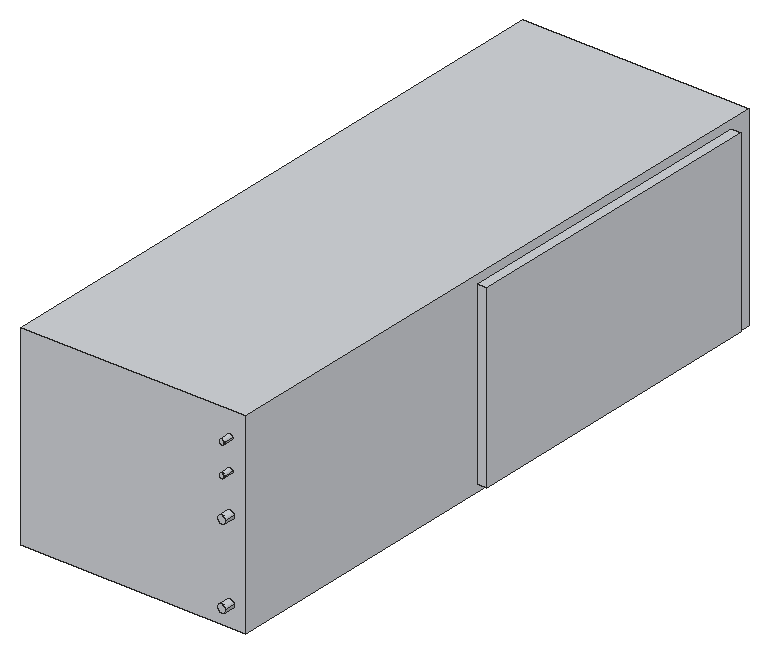
Revit family "M_WSHP - Horizontal - Alta eficiência - 7-18 kW - Retorno direita - Descarga esquerda", category Equipamento mecânico, Revit 2019
Family settings
  Cota do conector redondo = Usar raio
  Tipo de parte = Normal
  Número OmniClass = 23.75.10.21.17
  Título OmniClass = Water-Source Heat Pumps
  ID de item do Seek = WSHP - Horizontal - High Efficiency - 7-18 kW - Right Return - Left Discharge-0000-CAN-ENU
  Com base no plano de trabalho = Não
  Sempre na vertical = Sim
  Corte com vazios quando carregada = Não
  Compartilhado = Não
  Ponto de cálculo do ambiente = Não
Parameters (values of type "7 kW")
  Raio do fornecimento de água = 10 mm
  Diâmetro do fornecimento de água = Raio do fornecimento de água * 2  # 20 mm
  Raio do retorno da água = 10 mm
  Diâmetro do retorno da água = Raio do retorno da água * 2  # 20 mm
  Queda de pressão da água [instance] = 24131.6 Pa
  Fluxo da água [instance] = 0.5 L/s
  Voltagem = 208 V
  Largura do ar de fornecimento = 400 mm
  Altura do ar de fornecimento = 325 mm
  Altura do ar de retorno = 450 mm
  Largura do ar de retorno = 800 mm
  Largura da bomba = 1579.9 mm
  Material da bomba = none
  Comprimento da bomba = 568.9 mm
  Altura da bomba = 490.2 mm
  Número de pólos = 3
  Classificação de carga = Refrigeração
  Raio do fornecimento de água quente = 6 mm
  Diâmetro do fornecimento de água quente = Raio do fornecimento de água quente * 2  # 12 mm
  Raio do retorno de água quente = 6 mm
  Diâmetro do retorno de água quente = Raio do retorno de água quente * 2  # 12 mm
  Fluxo da água quente [instance] = 0.32 L/s
  Fluxo da drenagem [instance] = 0.0 L/s
  Raio da condensação = 10 mm
  Diâmetro da condensação = Raio da condensação * 2  # 20 mm
  C6 Deslocamento 1 = 55.9 mm
  C5 Deslocamento 2 = 91.5 mm
  C5 Deslocamento 1 = 50.8 mm
  C4 Deslocamento 1 = 353 mm
  C3 Deslocamento 1 = 429.2 mm
  C2 Deslocamento 1 = 254 mm
  C1 Deslocamento 1 = 53.4 mm
  Carga aparente = 3952 VA
  Pressão estática externa [instance] = 149.3 Pa
  Fluxo de ar [instance] = 377.56 L/s
Types (5, lengths in mm): name | Raio do fornecimento de água | Diâmetro do fornecimento de água | Raio do retorno da água | Diâmetro do retorno da água | Queda de pressão da água | Fluxo da água | Largura do ar de fornecimento | Altura do ar de fornecimento | Altura do ar de retorno | Largura do ar de retorno | Largura da bomba | Comprimento da bomba | Altura da bomba | Fluxo da água quente | C5 Deslocamento 2 | C5 Deslocamento 1 | C4 Deslocamento 1 | C3 Deslocamento 1 | C2 Deslocamento 1 | C1 Deslocamento 1 | Carga aparente | Pressão estática externa | Fluxo de ar
  (no name) | 10 | 20 | 10 | 20 | 24131.6 Pa | 0.5 L/s | 400 | 325 | 450 | 800 | 1579.9 | 568.9 | 490.2 | 0.32 L/s | 91.5 | 50.8 | 353 | 429.2 | 254 | 53.4 | 3952 VA | 149.3 Pa | 377.56 L/s
  7 kW | 10 | 20 | 10 | 20 | 24131.6 Pa | 0.5 L/s | 400 | 325 | 450 | 800 | 1579.9 | 568.9 | 490.2 | 0.32 L/s | 91.5 | 50.8 | 353 | 429.2 | 254 | 53.4 | 3952 VA | 149.3 Pa | 377.56 L/s
  11 kW | 10 | 20 | 10 | 20 | 31026.4 Pa | 0.57 L/s | 450 | 475 | 500 | 900 | 1808.5 | 645.1 | 541 | 0.5 L/s | 78.8 | 25.4 | 370.9 | 480 | 274.3 | 151.4 | 5283 VA | 149.3 Pa | 566.34 L/s
  14 kW | 15 | 30 | 15 | 30 | 24821.1 Pa | 0.76 L/s | 450 | 475 | 500 | 1050 | 1935.5 | 645.1 | 541 | 0.63 L/s | 78.8 | 25.4 | 396.3 | 480 | 274.3 | 151.4 | 6780 VA | 199.07 Pa | 755.12 L/s
  18 kW | 15 | 30 | 15 | 30 | 24821.1 Pa | 0.95 L/s | 450 | 475 | 500 | 1150 | 2062.5 | 645.1 | 541 | 0.82 L/s | 78.8 | 25.4 | 396.3 | 480 | 274.3 | 151.4 | 7696 VA | 199.07 Pa | 943.89 L/s
Reference planes
  plane 1 "Centro (Frente/Trás)": y = 0
  plane 2: z = 0
  plane 3 "Centro (Esquerda/Direita)": x = 0
  plane 4: y = 1579.9
  plane 5: x = 568.9
  plane 6: z = 490.2
  plane 7: y = 1524
  plane 8: y = 724
  plane 9: z = 245.1
  plane 10: z = 470.1
  plane 11: z = 20.1
  plane 12: y = 1605.3
  plane 13: z = 86.36
  plane 14: z = 86.36
  plane 15: x = 511.75
  plane 16: z = 363.2
  plane 17: x = 40.64
  plane 18: x = 528.26
  plane 19: z = 53.4
  plane 20: z = 254
  plane 21: z = 353
  plane 22: z = 429.2
  plane 23: y = -25.4
  plane 24: x = 594.3
  plane 25: y = 1488.4
  plane 26: y = 1088.4
  plane 27: z = 439.4
  plane 28: z = 114.4
  plane 29: x = -25.4
Forms (mm)
  Extrusion 1, solid, material <- "Material da bomba"
    sketch origin (0, 0, 0) x (1, 0, 0) y (0, 1, 0)
      loop
        line (0, 0) -> (568.9, 0) -> (568.9, 1579.9) -> (0, 1579.9) -> (0, 0)
    from 0 to 490.2
  Extrusion 2, solid, material <- "Material da bomba"
    sketch origin (0, 0, 0) x (1, 0, 0) y (0, 0, 1)
      loop
        circle (511.75, 86.36) r 10
    from -1605.3 to -1579.9
  Extrusion 3, solid, material <- "Material da bomba"
    sketch origin (0, 0, 0) x (1, 0, 0) y (0, 0, 1)
      loop
        circle (528.26, 53.4) r 10
    from 0 to 25.4
  Extrusion 4, solid, material <- "Material da bomba"
    sketch origin (0, 0, 0) x (1, 0, 0) y (0, 0, 1)
      loop
        circle (528.26, 254) r 10
    from 0 to 25.4
  Extrusion 5, solid, material <- "Material da bomba"
    sketch origin (0, 0, 0) x (1, 0, 0) y (0, 0, 1)
      loop
        circle (528.26, 353) r 6
    from 0 to 25.4
  Extrusion 6, solid, material <- "Material da bomba"
    sketch origin (0, 0, 0) x (1, 0, 0) y (0, 0, 1)
      loop
        circle (528.26, 429.2) r 6
    from 0 to 25.4
  Extrusion 7, solid, material <- "Material da bomba"
    sketch origin (0, 0, 0) x (0, 1, 0) y (0, 0, 1)
      loop
        line (1524, 470.1) -> (724, 470.1) -> (724, 20.1) -> (1524, 20.1) -> (1524, 470.1)
    from 568.9 to 594.3
  Extrusion 8, solid, material <- "Material da bomba"
    sketch origin (0, 0, 0) x (1, 0, 0) y (0, 0, 1)
      loop
        circle (40.64, 363.2) r 25.4
    from -25.4 to 0
  Extrusion 9, solid, material <- "Material da bomba"
    sketch origin (0, 0, 0) x (0, 1, 0) y (0, 0, 1)
      loop
        line (1488.4, 439.4) -> (1088.4, 439.4) -> (1088.4, 114.4) -> (1488.4, 114.4) -> (1488.4, 439.4)
    from -25.4 to 0
  Extrusion 10, solid, material <- "Material da bomba"
    sketch origin (0, 0, 0) x (1, 0, 0) y (0, 0, 1)
      loop
        circle (40.64, 363.2) r 25.4
    from -25.4 to 0
Cuts and joins
  joined: Extrusion 1, Extrusion 2, Extrusion 3, Extrusion 4, Extrusion 5, Extrusion 6, Extrusion 7, Extrusion 8, Extrusion 9, Extrusion 10
Dimensions and locks
  "Largura da bomba": plane 4 to plane 1 "Centro (Frente/Trás)"
  "Comprimento da bomba": plane 3 "Centro (Esquerda/Direita)" to plane 5
  "Altura da bomba": plane 6 to level
  "C6 Deslocamento 1": plane 4 to plane 7
  "Largura do ar de retorno": plane 7 to plane 8
  equal spacing: plane 11, plane 9, plane 10
  locked: plane 12 to plane 4 at 25.4
  locked: plane 2 to plane 14 at 86.36
  locked: plane 5 to plane 15 at 57.15
  locked: plane 17 to plane 3 "Centro (Esquerda/Direita)" at 40.64
  locked: plane 6 to plane 16 at 127
  locked: plane 18 to plane 5 at 40.64
  "C1 Deslocamento 1": plane 19 to plane 2
  "C2 Deslocamento 1": plane 20 to level
  "C4 Deslocamento 1": plane 21 to level
  "C3 Deslocamento 1": plane 22 to level
  locked: plane 23 to plane 1 "Centro (Frente/Trás)" at 25.4
  locked: plane 5 to plane 24 at 25.4
  "C5 Deslocamento 2": plane 4 to plane 25
  "Largura do ar de fornecimento": plane 25 to plane 26
  "C5 Deslocamento 1": plane 6 to plane 27
  "Altura do ar de fornecimento": plane 27 to plane 28
  locked: plane 29 to plane 3 "Centro (Esquerda/Direita)" at 25.4
  equal spacing: plane 6, plane 9, level
  "Altura do ar de retorno": plane 10 to plane 11
  "Raio da condensação": radius of Extrusion 2 sketch curve
  "Raio do fornecimento de água": radius of Extrusion 3 sketch curve
  "Raio do retorno da água": radius of Extrusion 4 sketch curve
  "Raio do retorno de água quente": radius of Extrusion 5 sketch curve
  "Raio do fornecimento de água quente": radius of Extrusion 6 sketch curve
  aligned and locked: plane 3 "Centro (Esquerda/Direita)" to Extrusion 1 sketch curve
  aligned and locked: plane 1 "Centro (Frente/Trás)" to Extrusion 1 sketch curve
  aligned and locked: plane 4 to Extrusion 1 sketch curve
  aligned and locked: plane 5 to Extrusion 1 sketch curve
  aligned and locked: plane 6 to Extrusion 1
  aligned and locked: Extrusion 1 to level
  aligned and locked: Extrusion 2 to plane 4
  aligned and locked: plane 14 to Extrusion 2 sketch curve
  aligned and locked: plane 15 to Extrusion 2 sketch curve
  aligned and locked: plane 19 to Extrusion 3 sketch curve
  aligned and locked: plane 18 to Extrusion 3 sketch curve
  aligned and locked: plane 18 to Extrusion 4 sketch curve
  aligned and locked: plane 20 to Extrusion 4 sketch curve
  aligned and locked: plane 18 to Extrusion 5 sketch curve
  aligned and locked: plane 21 to Extrusion 5 sketch curve
  aligned and locked: plane 18 to Extrusion 6 sketch curve
  aligned and locked: plane 22 to Extrusion 6 sketch curve
  aligned and locked: Extrusion 6 to plane 23
  aligned and locked: Extrusion 5 to Extrusion 6
  aligned and locked: Extrusion 4 to Extrusion 5
  aligned and locked: Extrusion 3 to Extrusion 4  (x2)
  aligned and locked: Extrusion 3 to plane 1 "Centro (Frente/Trás)"
  aligned and locked: Extrusion 3 to Extrusion 1
  aligned and locked: Extrusion 6 to plane 1 "Centro (Frente/Trás)"
  aligned and locked: plane 7 to Extrusion 7 sketch curve
  aligned and locked: plane 10 to Extrusion 7 sketch curve
  aligned and locked: plane 11 to Extrusion 7 sketch curve
  aligned and locked: plane 8 to Extrusion 7 sketch curve
  aligned and locked: plane 24 to Extrusion 7
  aligned and locked: Extrusion 7 to plane 5
  aligned and locked: plane 17 to Extrusion 8 sketch curve
  aligned and locked: plane 16 to Extrusion 8 sketch curve
  aligned and locked: plane 1 "Centro (Frente/Trás)" to Extrusion 8
  aligned and locked: plane 25 to Extrusion 9 sketch curve
  aligned and locked: plane 27 to Extrusion 9 sketch curve
  aligned and locked: plane 28 to Extrusion 9 sketch curve
  aligned and locked: plane 26 to Extrusion 9 sketch curve
  aligned and locked: Extrusion 9 to plane 29
  aligned and locked: plane 3 "Centro (Esquerda/Direita)" to Extrusion 9
  aligned and locked: plane 16 to Extrusion 10 sketch curve
  aligned and locked: plane 17 to Extrusion 10 sketch curve
  aligned and locked: plane 1 "Centro (Frente/Trás)" to Extrusion 10
  aligned and locked: plane 12 to cut or joined group 1 (Extrusion 1, Extrusion 2, Extrusion 3, Extrusion 4, Extrusion 5, Extrusion 6, Extrusion 7, Extrusion 8, Extrusion 9, Extrusion 10)
Automatic sketch dimensions
  radius of Extrusion 8 sketch curve = 25.4 mm
  radius of Extrusion 10 sketch curve = 25.4 mm
Connectors
  piping at (528.26, -25.4, 53.4), diameter 20, driven by "Raio do fornecimento de água", driven by "Fluxo da água"
    settings: on Extrusion 3, index 1, connector inside diameter 20 mm, connector length 0 mm, flow factor 0, pipe flow 0.5 L/s, pressure drop 0.0 Pa, fitting loss kfactor 0, connector angle 0.00°, fixture units 0, engagement length 0 mm, angle of deflection 0.00°, flow configuration 1, flow direction 1, fitting loss method 4, system type 7, joint type 0, gender type 0, connector reference index 2, connector utility 0, adjustable connector no, is connector primary yes, connector description "Entrada do fornecimento de água"
  piping at (528.26, -25.4, 254), diameter 20, driven by "Raio do retorno da água", driven by "Fluxo da água", driven by "Queda de pressão da água"
    settings: on Extrusion 4, index 2, connector inside diameter 20 mm, connector length 0 mm, flow factor 0, pipe flow 0.5 L/s, pressure drop 24131.6 Pa, fitting loss kfactor 0, connector angle 0.00°, fixture units 0, engagement length 0 mm, angle of deflection 0.00°, flow configuration 1, flow direction 2, fitting loss method 4, system type 8, joint type 0, gender type 0, connector reference index 1, connector utility 0, adjustable connector no, is connector primary no, connector description "Saída do retorno da água"
  piping at (528.26, -25.4, 429.2), diameter 12, driven by "Fluxo da água quente", driven by "Raio do fornecimento de água quente"
    settings: on Extrusion 6, index 3, connector inside diameter 12 mm, connector length 0 mm, flow factor 0, pipe flow 0.32 L/s, pressure drop 0.0 Pa, fitting loss kfactor 0, connector angle 0.00°, fixture units 0, engagement length 0 mm, angle of deflection 0.00°, flow configuration 0, flow direction 2, fitting loss method 0, system type 7, joint type 0, gender type 0, connector reference index 4, connector utility 0, adjustable connector no, is connector primary no, connector description "Saída do fornecimento de água quente"
  piping at (528.26, -25.4, 353), diameter 12, driven by "Raio do retorno de água quente", driven by "Fluxo da água quente"
    settings: on Extrusion 5, index 4, connector inside diameter 12 mm, connector length 0 mm, flow factor 0, pipe flow 0.32 L/s, pressure drop 0.0 Pa, fitting loss kfactor 0, connector angle 0.00°, fixture units 0, engagement length 0 mm, angle of deflection 0.00°, flow configuration 0, flow direction 1, fitting loss method 0, system type 8, joint type 0, gender type 0, connector reference index 3, connector utility 0, adjustable connector no, is connector primary no, connector description "Entrada do retorno de água quente"
  hvac at (-25.4, 1288.4, 276.9), driven by "Fluxo de ar", driven by "Altura do ar de fornecimento", driven by "Largura do ar de fornecimento"
    settings: on Extrusion 9, index 5, duct flow 377.56 L/s, flow factor 0, pres drop 0.0 Pa, loss coef 0, conn angle 0.00°, conn width 400 mm, conn height 325 mm, conn diameter 609.6 mm, duct sys type 1, conn prof type 1, flow config 0, flow direction 2, loss method 0, conn ref index 6, conn util no, is conn primary yes, conn desc ""
  hvac at (594.3, 1124, 245.1), driven by "Fluxo de ar", driven by "Altura do ar de retorno", driven by "Largura do ar de retorno"
    settings: on cut or joined group 1, index 6, duct flow 377.56 L/s, flow factor 0, pres drop 0.0 Pa, loss coef 0, conn angle 0.00°, conn width 800 mm, conn height 450 mm, conn diameter 609.6 mm, duct sys type 2, conn prof type 1, flow config 0, flow direction 1, loss method 0, conn ref index 5, conn util no, is conn primary no, conn desc ""
  piping at (511.75, 1605.3, 86.36), diameter 20, driven by "Raio da condensação", driven by "Fluxo da drenagem"
    settings: on cut or joined group 1, index 7, connector inside diameter 20 mm, connector length 0 mm, flow factor 0, pipe flow 0.0 L/s, pressure drop 0.0 Pa, fitting loss kfactor 0, connector angle 0.00°, fixture units 0, engagement length 0 mm, angle of deflection 0.00°, flow configuration 1, flow direction 2, fitting loss method 0, system type 16, joint type 0, gender type 0, connector reference index -1, connector utility 0, adjustable connector yes, is connector primary no, connector description "Saída de condensação"
  electrical at (40.64, 0, 363.2), driven by "Carga aparente", driven by "Voltagem", driven by "Número de pólos", driven by "Classificação de carga"
    settings: on Extrusion 10, index 8, voltage 208 V, apparent load 3952 VA, apparent load phase1 0 VA, apparent load phase2 0 VA, apparent load phase3 0 VA, power factor 0.8, load classification "Refrigeração", number of poles 3, system type 30, power factor state 1, is connector primary yes, connector utility no, sub classification motor no, connector description ""
